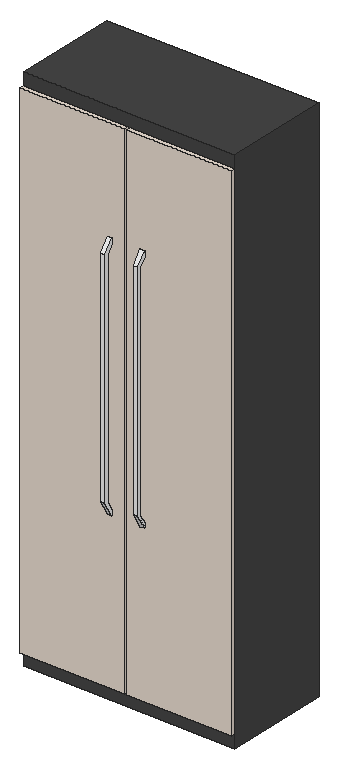
Revit family
Parameters (values of type "59A_거실_수납장2")
  현관-신발장 = 몸통
  폭 [instance] = 915 mm
  신발장-손잡이 = 신발장-손잡이
  문짝 [instance] = 문짝
  높이 [instance] = 2400 mm
  깊이 [instance] = 450 mm
  Assembly Code = ""
Types (2, lengths in mm): name | 현관-신발장
  59A_거실_수납장2 | 몸통
  59A_거실_수납장1 | 현관-신발장
Reference planes
  plane 1 "Center (Front/Back)": y = 0
  plane 2: z = 0
  plane 3 "Center (Left/Right)": x = 0
  plane 4 "left": x = -457.5
  plane 5 "right": x = 457.5
  plane 6 "front": y = -225
  plane 7 "back": y = 225
  plane 8 "top": z = 2400
Forms (mm)
  Extrusion 1, solid, material "몸통" <- "현관-신발장"
    sketch origin (0, 0, 0) x (1, 0, 0) y (0, 1, 0)
      loop
        line (-457.5, 225) -> (-457.5, -225) -> (457.5, -225) -> (457.5, 225) -> (-457.5, 225)
    from 0 to 2300
  Extrusion 2, solid, material "문짝" <- "문짝"
    sketch origin (0, -225, 0) x (-1, 0, 0) y (0, 0, 1)
      loop
        line (457.5, 2245.132) -> (5, 2245.132) -> (5, 55.132) -> (457.5, 55.132) -> (457.5, 2245.132)
      loop
        line (-457.5, 2245.132) -> (-457.5, 55.132) -> (-5, 55.132) -> (-5, 2245.132) -> (-457.5, 2245.132)
    from -17.805 to 0
  Extrusion 3, solid, material "신발장-손잡이" <- "신발장-손잡이"
    sketch origin (0, 0, 0) x (0, 1, 0) y (0, 0, 1)
      loop
        line (-242.805, 1780) -> (-242.805, 1803.102) -> (-277.805, 1753.117) -> (-277.805, 788.117) -> (-242.805, 727.495) -> (-242.805, 747.495) -> (-265.748, 787.234) -> (-265.748, 1747.234) -> (-242.805, 1780)
    from 61.694 to 79.644
  Extrusion 4, solid, material "신발장-손잡이" <- "신발장-손잡이"
    sketch origin (0, 0, 0) x (0, 1, 0) y (0, 0, -1)
      loop
        line (-242.805, -1780) -> (-265.748, -1747.234) -> (-265.748, -787.234) -> (-242.805, -747.495) -> (-242.805, -727.495) -> (-277.805, -788.117) -> (-277.805, -1753.117) -> (-242.805, -1803.102) -> (-242.805, -1780)
    from 61.694 to 79.644
Dimensions and locks
  "깊이": plane 6 "front" to plane 7 "back"
  equal spacing: plane 6 "front", plane 1 "Center (Front/Back)", plane 7 "back"
  "높이": plane 8 "top" to level
  "폭": plane 4 "left" to plane 5 "right"
  equal spacing: plane 4 "left", plane 3 "Center (Left/Right)", plane 5 "right"
  locked: Extrusion 1 to Extrusion 2 sketch curve at 54.868
  locked: Extrusion 2 sketch curve to Extrusion 1 at 55.132
  equal spacing: Extrusion 2 sketch curve, plane 3 "Center (Left/Right)", Extrusion 2 sketch curve
  locked: Extrusion 4 to Extrusion 4 at 17.949
  locked: Extrusion 3 to Extrusion 3 at 17.949
  equal spacing: Extrusion 3, plane 3 "Center (Left/Right)", Extrusion 4
  aligned and locked: plane 4 "left" to Extrusion 1 sketch curve
  aligned and locked: plane 7 "back" to Extrusion 1 sketch curve
  aligned and locked: plane 6 "front" to Extrusion 1 sketch curve
  aligned and locked: Extrusion 1 sketch curve to plane 5 "right"
  aligned and locked: plane 6 "front" to Extrusion 2
  aligned and locked: Extrusion 3 to Extrusion 2  (x2)
Automatic sketch dimensions
  Extrusion 2 sketch curve to plane 5 "right" = 0 mm
  Extrusion 2 sketch curve to plane 4 "left" = 0 mm
  plane 3 "Center (Left/Right)" to Extrusion 2 sketch curve = 5 mm
  Extrusion 2 sketch curve to Extrusion 2 sketch curve = 0 mm  (x2)
  Extrusion 3 sketch curve to plane 6 "front" = 52.805 mm
  Extrusion 3 sketch curve to Extrusion 3 sketch curve = 12.057 mm
  Extrusion 3 sketch curve to plane 6 "front" = 17.805 mm  (x2)
  level to Extrusion 3 sketch curve = 727.495 mm
  Extrusion 3 sketch curve to Extrusion 3 sketch curve = 20 mm
  Extrusion 3 sketch curve to Extrusion 3 sketch curve = 39.739 mm
  Extrusion 3 sketch curve to Extrusion 3 sketch curve = 0.883 mm
  Extrusion 3 sketch curve to plane 8 "top" = 652.766 mm
  Extrusion 3 sketch curve to Extrusion 3 sketch curve = 5.883 mm
  Extrusion 3 sketch curve to Extrusion 3 sketch curve = 32.766 mm
  Extrusion 3 sketch curve to Extrusion 3 sketch curve = 23.102 mm
  Extrusion 4 sketch curve to plane 6 "front" = 52.805 mm
  Extrusion 4 sketch curve to Extrusion 4 sketch curve = 12.057 mm
  Extrusion 4 sketch curve to plane 6 "front" = 17.805 mm  (x2)
  Extrusion 4 sketch curve to plane 8 "top" = 596.898 mm
  Extrusion 4 sketch curve to Extrusion 4 sketch curve = 23.102 mm
  Extrusion 4 sketch curve to Extrusion 4 sketch curve = 26.883 mm
  Extrusion 4 sketch curve to Extrusion 4 sketch curve = 5.883 mm
  level to Extrusion 4 sketch curve = 788.117 mm
  Extrusion 4 sketch curve to Extrusion 4 sketch curve = 0.883 mm
  Extrusion 4 sketch curve to Extrusion 4 sketch curve = 39.739 mm
  Extrusion 4 sketch curve to Extrusion 4 sketch curve = 20 mm
